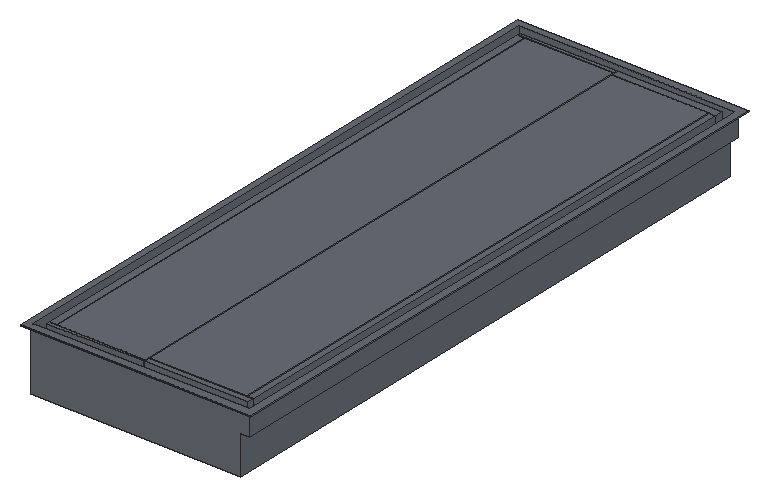
Revit family
Parameters (values of type "PL07 07 7/0")
  Width Side = 192 mm
  Width Inner Side Support = Actual Width 1 - Frame Offset + 13 mm  # 181 mm
  Width Inner Side = Actual Width 1 - Frame Offset  # 168 mm
  Width Inner Main = Actual Width - Frame Offset + 37 mm  # 192 mm
  Width = 179 mm
  URL = "http://www.meinertz.com/pictures_org/prodk.pdf"
  Thermal Performance Index = 7
  Thermal Performance Constant = if(Thermal Performance Index = 3, 145, if(Thermal Performance Index = 4, 191, if(Thermal Performance Index = 5, 231, if(Thermal Performance Index = 6, 262, if(Thermal Performance Index = 7, 287, if(Thermal Performance Index = 8, 317, if(Thermal Performance Index = 9, 339, if(Thermal Performance Index = 10, 359, if(Thermal Performance Index = 11, 382, if(Thermal Performance Index = 12, 404, if(Thermal Performance Index = 13, 424, 444)))))))))))  # 287
  Thermal Performance = Thermal Performance Constant * Length / 1000 mm  # 287
  Side Support Distance = (Actual Length - (2 * Frame Offset) - 200 mm) / (Count Side Support - 1)  # 376 mm
  Side Grill Length = Actual Length - (2 * Frame Offset) - 22 mm  # 930 mm
  Right Tap Visible = Count Grill Main > 3  # yes
  Model = "PL07 07 7/0"
  Manufacturer = "Meinertz"  # constant formula
  Length = 1000 mm
  Keynote = "PL07 07 7/0"
  Grill = RAL 7025 F
  GoGetNo = 6942  # constant formula
  Frame Offset = 24 mm  # constant formula
  Frame = RAL 7024
  Count Side Support = (Actual Length - (2 * Frame Offset) - 200 mm) / 600 mm + 1.49  # 3
  Count Grill Side = ((Width Side - Frame Offset) / 24 mm)  # 7
  Count Grill Main = (Width - Frame Offset - 11 mm) / 24 mm + 1  # 7
  Count Convec Support = (Actual Length - (2 * Frame Offset) - 300 mm) / 2500 mm + 1.49  # 2
  Convection Grill Length = Actual Length - (2 * Frame Offset) - 11 mm  # 941 mm
  Convec Support Distance = (Actual Length - (2 * Frame Offset) - 300 mm) / (Count Convec Support - 1)  # 652 mm
  Actual Width 1 = (Count Grill Side * 24 mm) + Frame Offset  # 192 mm
  Actual Width = (Count Grill Main - 1) * 24 mm + Frame Offset + 11 mm  # 179 mm
  Actual Length = if(Length < 4 * Frame Offset, 4 * Frame Offset, if(Length > 6000 mm, 6000 mm, Length))  # 1000 mm
Types (6, lengths in mm): name | Width Side | Width Inner Side Support | Width Inner Side | Width Inner Main | Width | Thermal Performance Index | Thermal Performance Constant | Thermal Performance | Right Tap Visible | Model | Keynote | Count Grill Side | Count Grill Main | Actual Width 1 | Actual Width
  (no name) | 192 | 181 | 168 | 192 | 179 | 7 | 287 | 287 | yes | "PL07 07 7/0" | "PL07 07 7/0" | 7 | 7 | 192 | 179
  PL07 07 7/0 | 192 | 181 | 168 | 192 | 179 | 7 | 287 | 287 | yes | "PL07 07 7/0" | "PL07 07 7/0" | 7 | 7 | 192 | 179
  PL07 06 6/0 | 168 | 157 | 144 | 168 | 155 | 6 | 262 | 262 | yes | "PL07 06 6/0" | "PL07 06 6/0" | 6 | 6 | 168 | 155
  PL07 05 5/0 | 144 | 133 | 120 | 144 | 131 | 5 | 231 | 231 | yes | "PL07 05 5/0" | "PL07 05 5/0" | 5 | 5 | 144 | 131
  PL07 04 5/0 | 144 | 133 | 120 | 120 | 107 | 4 | 191 | 191 | yes | "PL07 04 5/0" | "PL07 04 5/0" | 5 | 4 | 144 | 107
  PL07 03 5/0 | 144 | 133 | 120 | 96 | 83 | 3 | 145 | 145 | no | "PL07 03 5/0" | "PL07 03 5/0" | 5 | 3 | 144 | 83
Reference planes
  plane 1 "Center (Front/Back)": y = 0
  plane 2: z = 0
  plane 3 "Center (Left/Right)": x = 0
  plane 4: x = -89.5
  plane 5: x = 89.5
  plane 6: y = 500
  plane 7: y = -500
  plane 8: x = 281.5
  plane 9: x = -65.5
  plane 10: y = 476
  plane 11: y = -476
  plane 12: y = 376
  plane 13: y = 326
  plane 14: y = -376
  plane 15: y = -326
  plane 16: x = 102.5
  plane 17: x = 257.5
  plane 18: z = -20
  plane 19: z = -36
  plane 20: z = -19.8
  plane 21: z = -55
  plane 22: z = -70
  plane 23: z = -72
  plane 24: z = -53
  plane 25: z = -100
  plane 26: z = -55
  plane 27: x = -54.5
  plane 28: x = 246.5
  plane 29: y = 465
  plane 30: y = 470.5
  plane 31: y = -465
  plane 32: y = -470.5
  plane 33: y = 250
  plane 34: y = 150
  plane 35: y = -250
  plane 36: y = -150
  plane 37: x = 12
  plane 38: x = -35.5
  plane 39: x = 59.5
Forms (mm)
  Extrusion 1, solid, material "RAL 7025 F" <- "Grill"
    sketch origin (0, 0, 0) x (1, 0, 0) y (0, 1, 0)
      loop
        line (-54.5, 470.5) -> (-54.5, -470.5) -> (89.5, -470.5) -> (89.5, 470.5) -> (-54.5, 470.5)
    from 0 to -70
  Extrusion 2, solid, material "RAL 7024" <- "Frame"
    sketch origin (89.5, 470.5, 0) x (0, -1, 0) y (0, 0, -1)
      loop
        line (946.5, 0) -> (946.5, 70) -> (935.5, 70) -> (935.5, 20) -> (941, 20) -> (941, 0) -> (946.5, 0)
      loop
        line (-5.5, 0) -> (0, 0) -> (0, 20) -> (5.5, 20) -> (5.5, 70) -> (-5.5, 70) -> (-5.5, 0)
    from 0 to -155
  Extrusion 3, solid, material "RAL 7025 F" <- "Grill"
    sketch origin (0, 0, 0) x (1, 0, 0) y (0, 1, 0)
      loop
        line (89.5, 465) -> (89.5, -465) -> (246.5, -465) -> (246.5, 465) -> (89.5, 465)
    from 0 to -20
  Extrusion 4, solid, material "RAL 7024" <- "Frame"
    sketch origin (0, 0, 0) x (1, 0, 0) y (0, 1, 0)
      loop
        line (89.5, -476) -> (257.5, -476) -> (257.5, -465) -> (89.5, -465) -> (89.5, -476)
      loop
        line (89.5, 476) -> (89.5, 465) -> (257.5, 465) -> (257.5, 476) -> (89.5, 476)
    from 0 to -20
  Extrusion 5, solid, material "RAL 7024" <- "Frame"
    sketch origin (0, 0, 0) x (1, 0, 0) y (0, 1, 0)
      loop
        line (246.5, 465) -> (246.5, -465) -> (257.5, -465) -> (257.5, 465) -> (246.5, 465)
    from 0 to -20
  Extrusion 6, solid, material "RAL 7024" <- "Frame"
    sketch origin (168, 0, 0) x (-1, 0, 0) y (0, -1, 0)
      loop
        line (222.5, -470.5) -> (233.5, -470.5) -> (233.5, 470.5) -> (222.5, 470.5) -> (222.5, -470.5)
    from 0 to -70
  Extrusion 7, solid
    sketch origin (0, 0, 0) x (0, 1, 0) y (0, 0, 1)
      loop
        circle (250, -55) r 4.8
    from -65.5 to -70.5
  Extrusion 8, solid
    sketch origin (0, -100, 0) x (0, 1, 0) y (0, 0, 1)
      loop
        circle (250, -55) r 4.8
    from -65.5 to -70.5
  Extrusion 9, solid
    sketch origin (0, -400, 0) x (0, 1, 0) y (0, 0, 1)
      loop
        circle (250, -55) r 4.8
    from -65.5 to -70.5
  Extrusion 10, solid
    sketch origin (0, -500, 0) x (0, 1, 0) y (0, 0, 1)
      loop
        circle (250, -55) r 4.8
    from -65.5 to -70.5
  Extrusion 11, solid
    sketch origin (89.5, 470.5, 0) x (0, -1, 0) y (0, 0, -1)
      loop
        circle (220.5, 55) r 4.8
    from 0 to 5
  Extrusion 12, solid
    sketch origin (89.5, 370.5, 0) x (0, -1, 0) y (0, 0, -1)
      loop
        circle (220.5, 55) r 4.8
    from 0 to 5
  Extrusion 13, solid
    sketch origin (89.5, 70.5, 0) x (0, -1, 0) y (0, 0, -1)
      loop
        circle (220.5, 55) r 4.8
    from 0 to 5
  Extrusion 14, solid
    sketch origin (89.5, -29.5, 0) x (0, -1, 0) y (0, 0, -1)
      loop
        circle (220.5, 55) r 4.8
    from 0 to 5
  Extrusion 15, solid, visible <- "Right Tap Visible"
    sketch origin (89.5, 476, 0) x (0, 0, -1) y (-1, 0, 0)
      loop
        circle (55, 125) r 4.8
    from 0 to 5
  Extrusion 16, solid
    sketch origin (89.5, 476, 0) x (0, 0, -1) y (-1, 0, 0)
      loop
        circle (55, 30) r 4.8
    from 0 to 5
  Extrusion 17, solid
    sketch origin (89.5, -476, 0) x (0, 0, -1) y (1, 0, 0)
      loop
        circle (55, -125) r 4.8
    from 0 to 5
  Extrusion 18, solid, visible <- "Right Tap Visible"
    sketch origin (89.5, -476, 0) x (0, 0, -1) y (1, 0, 0)
      loop
        circle (55, -30) r 4.8
    from 0 to 5
  Sweep 19, solid, material "RAL 7024" <- "Frame"
    path origin (0, 0, 0) x (1, 0, 0) y (0, 1, 0)
      loop
        line (281.5, 500) -> (-89.5, 500) -> (-89.5, -500) -> (281.5, -500)
    profile origin (96, 500, 0) x (0, -1, 0) y (0, 0, 1)
      loop
        line (0, 0) -> (0, -2) -> (9, -2) -> (9, -100) -> (11, -100) -> (11, 0) -> (0, 0)
  Extrusion 20, solid, material "RAL 7024" <- "Frame"
    sketch origin (0, 0, 0) x (1, 0, 0) y (0, 0, 1)
      loop
        line (281.5, 0) -> (270.5, 0) -> (270.5, -36) -> (256.5, -36) -> (256.5, -100) -> (258.5, -100) -> (258.5, -38) -> (272.5, -38) -> (272.5, -2) -> (281.5, -2) -> (281.5, 0)
    from -489 to 489
  Extrusion 21, void
    sketch origin (281.5, 491, -100) x (1, 0, 0) y (0, 0, 1)
      loop
        line (0, 98) -> (-9, 98) -> (-9, 62) -> (-23, 62) -> (-23, 0) -> (0, 0) -> (0, 98)
    from 0 to 982
  Extrusion 22, solid, material "RAL 7024" <- "Frame"
    sketch origin (0, 0, 0) x (1, 0, 0) y (0, 1, 0)
      loop
        line (-78.5, 489) -> (-78.5, -489) -> (256.5, -489) -> (256.5, 489) -> (-78.5, 489)
    from -100 to -98
Cuts and joins
  Extrusion 21 cuts Sweep 19
  Extrusion 21 cuts Extrusion 20
  joined: Sweep 19, Extrusion 20
  Extrusion 21 cuts Extrusion 4
  Extrusion 21 cuts Extrusion 5
Lines and regions (mm)
  Masking region 1
    outline origin (0, 0, 0) x (1, 0, 0) y (0, 1, 0)
      loop
        line (-54.5, 470.5) -> (-54.5, -470.5) -> (89.5, -470.5) -> (89.5, 470.5) -> (-54.5, 470.5)
  Masking region 2
    outline origin (0, 0, 0) x (1, 0, 0) y (0, 1, 0)
      loop
        line (89.5, 465) -> (89.5, -465) -> (246.5, -465) -> (246.5, 465) -> (89.5, 465)
Dimensions and locks
  equal spacing: plane 7, plane 1 "Center (Front/Back)", plane 6
  "Actual Length": plane 6 to plane 7
  equal spacing: plane 4, plane 3 "Center (Left/Right)", plane 5
  "Actual Width": plane 4 to plane 5
  "Actual Width 1": plane 5 to plane 8
  "Frame Offset": plane 4 to plane 9
  "Frame Offset": plane 10 to plane 6
  "Frame Offset": plane 11 to plane 7
  plane 13 to plane 12 to plane 10 = 50 mm locked, 100 mm locked
  plane 15 to plane 14 to plane 11 = 50 mm locked, 100 mm locked
  locked: plane 5 to plane 16 at 13
  "Frame Offset": plane 17 to plane 8
  equal spacing: plane 19, plane 24, plane 22
  locked: plane 26 to plane 25 at 45
  plane 29 to plane 30 to plane 10 = 5.5 mm locked, 5.5 mm locked
  plane 31 to plane 32 to plane 11 = 5.5 mm locked, 5.5 mm locked
  locked: plane 9 to plane 27 at 11
  locked: plane 28 to plane 17 at 11
  plane 6 to plane 33 to plane 34 = 250 mm locked, 100 mm locked
  plane 36 to plane 35 to plane 7 = 100 mm locked, 250 mm locked
  locked: Extrusion 7 to plane 9 at 5
  equal spacing: plane 5, plane 37, plane 9
  plane 38 to plane 9 = 30 mm
  plane 39 to plane 5 = 30 mm
  group 1 to group 2 = 0 mm  (x2)
  group 1 to group 2 = 652 mm
  equal spacing: group 3, group 4, group 5  (x3)
  "Convec Support Distance": nested 2 to nested 5
  "Side Support Distance": nested 6 to nested 1
  profile plane to Sweep 19 sketch curve to Sweep 19 sketch curve = 9 mm locked, 2 mm locked
  locked: plane 2 to Sweep 19 sketch curve at 2
  locked: Extrusion 20 sketch curve to Extrusion 20 sketch curve at 2
  locked: plane 19 to Extrusion 20 sketch curve at 2
  locked: Extrusion 20 sketch curve to plane 8 at 9
  Extrusion 20 sketch curve to Extrusion 20 sketch curve to Extrusion 20 sketch curve = 2 mm locked, 12 mm locked
  aligned and locked: level to plane 2
  aligned and locked: plane 27 to Extrusion 1 sketch curve
  aligned and locked: plane 30 to Extrusion 1 sketch curve
  aligned and locked: plane 5 to Extrusion 1 sketch curve
  aligned and locked: plane 18 to Extrusion 2 sketch curve
  aligned and locked: plane 22 to Extrusion 2 sketch curve
  aligned and locked: plane 2 to Extrusion 2 sketch curve
  aligned and locked: Extrusion 1 to plane 22
  aligned and locked: Extrusion 2 to plane 9
  aligned and locked: plane 29 to Extrusion 3 sketch curve
  aligned and locked: Extrusion 3 sketch curve to plane 5
  aligned and locked: plane 28 to Extrusion 3 sketch curve
  aligned and locked: plane 31 to Extrusion 3 sketch curve
  aligned and locked: Extrusion 3 to plane 18
  aligned and locked: plane 5 to Extrusion 4 sketch curve
  aligned and locked: plane 31 to Extrusion 4 sketch curve
  aligned and locked: Extrusion 4 sketch curve to plane 11
  aligned and locked: Extrusion 4 sketch curve to plane 17
  aligned and locked: plane 11 to Extrusion 2 sketch curve
  aligned and locked: plane 32 to Extrusion 2 sketch curve
  aligned and locked: plane 31 to Extrusion 2 sketch curve
  aligned and locked: Extrusion 4 sketch curve to plane 5
  aligned and locked: plane 17 to Extrusion 4 sketch curve
  aligned and locked: Extrusion 4 sketch curve to plane 29
  aligned and locked: plane 10 to Extrusion 4 sketch curve
  aligned and locked: Extrusion 2 sketch curve to plane 2
  aligned and locked: Extrusion 2 sketch curve to plane 10
  aligned and locked: Extrusion 2 sketch curve to plane 30
  aligned and locked: Extrusion 2 sketch curve to plane 18
  aligned and locked: Extrusion 2 sketch curve to plane 29
  aligned and locked: Extrusion 2 sketch curve to plane 22
  aligned and locked: Extrusion 5 sketch curve to plane 28
  aligned and locked: plane 17 to Extrusion 5 sketch curve
  aligned and locked: plane 31 to Extrusion 5 sketch curve
  aligned and locked: plane 29 to Extrusion 5 sketch curve
  aligned and locked: Extrusion 5 to plane 18
  aligned and locked: plane 27 to Extrusion 6 sketch curve
  aligned and locked: Extrusion 6 sketch curve to plane 9
  aligned and locked: Extrusion 6 to plane 22
  aligned and locked: Extrusion 6 sketch curve to plane 30
  aligned and locked: Extrusion 6 sketch curve to plane 32
  aligned and locked: plane 14 to nested 1
  aligned and locked: plane 18 to nested 1
  aligned and locked: plane 25 to nested 1
  aligned and locked: nested 2 to plane 15
  aligned and locked: plane 22 to nested 2
  aligned and locked: plane 25 to nested 2
  aligned and locked: Extrusion 7 to plane 9
  aligned and locked: Extrusion 7 to Extrusion 8
  aligned and locked: Extrusion 7 to Extrusion 9
  aligned and locked: Extrusion 7 to Extrusion 10
  aligned and locked: Extrusion 11 sketch curve to Extrusion 7  (x2)
  aligned and locked: Extrusion 12 sketch curve to Extrusion 8  (x2)
  aligned and locked: Extrusion 13 sketch curve to Extrusion 9  (x2)
  aligned and locked: Extrusion 14 sketch curve to Extrusion 10  (x2)
  aligned and locked: plane 9 to Extrusion 10
  aligned and locked: plane 9 to Extrusion 9
  aligned and locked: plane 9 to Extrusion 8
  aligned and locked: nested 3 to plane 32
  aligned and locked: nested 3 to plane 30
  aligned and locked: nested 3 to plane 5
  aligned and locked: nested 4 to plane 31
  aligned and locked: nested 4 to plane 29
  aligned and locked: nested 4 to plane 5
  aligned and locked: plane 17 to nested 1
  aligned and locked: plane 22 to nested 5  (x2)
  aligned and locked: plane 9 to nested 2
  aligned and locked: plane 17 to nested 6
  aligned and locked: plane 18 to nested 6
  aligned and locked: plane 9 to nested 5
  aligned and locked: Extrusion 17 sketch curve to Extrusion 15  (x2)
  aligned and locked: Extrusion 18 sketch curve to Extrusion 16  (x2)
  aligned and locked: plane 27 to nested 3
  aligned and locked: nested 4 to plane 28
  aligned and locked: Masking region 1 sketch curve to Extrusion 1  (x3)
  aligned and locked: Masking region 1 sketch curve to Extrusion 2
  aligned and locked: Masking region 2 sketch curve to Extrusion 4
  aligned and locked: Masking region 2 sketch curve to Extrusion 3  (x3)
  aligned and locked: Sweep 19 sketch curve to plane 6
  aligned and locked: Sweep 19 sketch curve to plane 4
  aligned and locked: plane 7 to Sweep 19 sketch curve
  aligned and locked: Sweep 19 sketch curve to profile plane  (x2)
  aligned and locked: plane 25 to Sweep 19 sketch curve
  aligned and locked: Extrusion 20 sketch curve to plane 25
  aligned and locked: plane 2 to Extrusion 20 sketch curve
  aligned and locked: plane 19 to Extrusion 20 sketch curve
  aligned and locked: Sweep 19 to Extrusion 20 sketch curve
  aligned and locked: Extrusion 20 to Sweep 19  (x2)
  aligned and locked: cut or joined group of Sweep 19, Extrusion 20, Extrusion 21 to Extrusion 21 sketch curve  (x2)
  aligned and locked: Extrusion 21 sketch curve to cut or joined group of Sweep 19, Extrusion 20, Extrusion 21  (x4)
  aligned and locked: Extrusion 21 to cut or joined group of Sweep 19, Extrusion 20, Extrusion 21
  aligned and locked: Extrusion 22 sketch curve to cut or joined group of Sweep 19, Extrusion 20, Extrusion 21  (x3)
  aligned and locked: cut or joined group of Sweep 19, Extrusion 20, Extrusion 21 to Extrusion 22 sketch curve
  aligned and locked: Extrusion 22 to plane 25
Automatic sketch dimensions
  Extrusion 1 sketch curve to plane 32 = 0 mm
  Extrusion 7 sketch curve to plane 21 = 0 mm
  Extrusion 7 sketch curve to plane 33 = 0 mm
  Extrusion 8 sketch curve to plane 21 = 0 mm
  Extrusion 8 sketch curve to plane 34 = 0 mm
  Extrusion 9 sketch curve to plane 21 = 0 mm
  Extrusion 9 sketch curve to plane 36 = 0 mm
  Extrusion 10 sketch curve to plane 21 = 0 mm
  Extrusion 10 sketch curve to plane 35 = 0 mm
  Extrusion 2 sketch curve to Extrusion 1 = 0 mm
  Extrusion 2 to Extrusion 16 sketch curve = 15 mm
  Extrusion 2 to Extrusion 16 sketch curve = 30 mm
  Extrusion 2 to Extrusion 15 sketch curve = 30 mm
  Extrusion 2 to Extrusion 15 sketch curve = 15 mm
  Sweep 19 sketch curve to plane 8 = 0 mm  (x2)
  plane 8 to Extrusion 20 sketch curve = 0 mm
  radius of Extrusion 7 sketch curve = 4.8 mm
  radius of Extrusion 8 sketch curve = 4.8 mm
  radius of Extrusion 9 sketch curve = 4.8 mm
  radius of Extrusion 10 sketch curve = 4.8 mm
  radius of Extrusion 16 sketch curve = 4.8 mm
  radius of Extrusion 15 sketch curve = 4.8 mm
Nested families
  nested 1: "Support" at (147.579, -369.531, -36) x (0, 1, 0) z (0, 0, 1), type "Side Support"
    with Length 192 mm
  nested 2: "Support" at (44.421, -332.469, -72) x (0, -1, 0) z (0, 0, 1), type "Convec Support"
  nested 3: "Grill" at (-54.5, -470.5, 0), type "Grill"
    with Width 941 mm, Start 11 mm, Second 13 mm, Length 144 mm, Big no
  nested 4: "Grill" at (89.5, -465, 0), type "Grill"
    with Width 930 mm, Start 11 mm, Second 13 mm, Length 157 mm, Big no
  nested 5: "Support" at (44.421, 319.531, -72) x (0, -1, 0) z (0, 0, 1), type "Convec Support"
  nested 6: "Support" at (147.579, 6.469, -36) x (0, 1, 0) z (0, 0, 1), type "Side Support"
    with Length 192 mm
  nested 7: "Support" at (147.579, 382.469, -36) x (0, 1, 0) z (0, 0, 1), type "Side Support"
    with Length 192 mm
Connectors
  piping at (-70.5, 150, -55)
    settings: on Extrusion 8, index 21, connector radius 4.75 mm, flow factor 0, pipe flow 0.0 L/s, pressure drop 0.0 Pa, fitting loss kfactor 0, connector angle 0.00°, fixture units 0, flow configuration 1, flow direction 2, fitting loss method 0, system type 22, connector reference index -1, connector utility 0, adjustable connector no, is connector primary yes, fitting loss table "", connector description ""
  piping at (-70.5, 250, -55)
    settings: on Extrusion 7, index 22, connector radius 4.75 mm, flow factor 0, pipe flow 0.0 L/s, pressure drop 0.0 Pa, fitting loss kfactor 0, connector angle 0.00°, fixture units 0, flow configuration 1, flow direction 1, fitting loss method 0, system type 19, connector reference index -1, connector utility 0, adjustable connector no, is connector primary no, fitting loss table "", connector description ""
  piping at (-70.5, -150, -55)
    settings: on Extrusion 9, index 23, connector radius 4.75 mm, flow factor 0, pipe flow 0.0 L/s, pressure drop 0.0 Pa, fitting loss kfactor 0, connector angle 0.00°, fixture units 0, flow configuration 1, flow direction 1, fitting loss method 0, system type 22, connector reference index -1, connector utility 0, adjustable connector no, is connector primary no, fitting loss table "", connector description ""
  piping at (-70.5, -250, -55)
    settings: on Extrusion 10, index 24, connector radius 4.75 mm, flow factor 0, pipe flow 0.0 L/s, pressure drop 0.0 Pa, fitting loss kfactor 0, connector angle 0.00°, fixture units 0, flow configuration 1, flow direction 2, fitting loss method 0, system type 22, connector reference index -1, connector utility 0, adjustable connector no, is connector primary no, fitting loss table "", connector description ""
  piping at (94.5, -250, -55)
    settings: on Extrusion 14, index 25, connector radius 4.75 mm, flow factor 0, pipe flow 0.0 L/s, pressure drop 0.0 Pa, fitting loss kfactor 0, connector angle 0.00°, fixture units 0, flow configuration 1, flow direction 1, fitting loss method 0, system type 22, connector reference index -1, connector utility 0, adjustable connector no, is connector primary no, fitting loss table "", connector description ""
  piping at (94.5, -150, -55)
    settings: on Extrusion 13, index 26, connector radius 4.75 mm, flow factor 0, pipe flow 0.0 L/s, pressure drop 0.0 Pa, fitting loss kfactor 0, connector angle 0.00°, fixture units 0, flow configuration 1, flow direction 2, fitting loss method 0, system type 19, connector reference index -1, connector utility 0, adjustable connector no, is connector primary no, fitting loss table "", connector description ""
  piping at (94.5, 150, -55)
    settings: on Extrusion 12, index 27, connector radius 4.75 mm, flow factor 0, pipe flow 0.0 L/s, pressure drop 0.0 Pa, fitting loss kfactor 0, connector angle 0.00°, fixture units 0, flow configuration 1, flow direction 1, fitting loss method 0, system type 22, connector reference index -1, connector utility 0, adjustable connector no, is connector primary no, fitting loss table "", connector description ""
  piping at (94.5, 250, -55)
    settings: on Extrusion 11, index 28, connector radius 4.75 mm, flow factor 0, pipe flow 0.0 L/s, pressure drop 0.0 Pa, fitting loss kfactor 0, connector angle 0.00°, fixture units 0, flow configuration 1, flow direction 2, fitting loss method 0, system type 22, connector reference index -1, connector utility 0, adjustable connector no, is connector primary no, fitting loss table "", connector description ""
  piping at (-35.5, 481, -55)
    settings: on Extrusion 15, index 31, connector radius 4.75 mm, flow factor 0, pipe flow 0.0 L/s, pressure drop 0.0 Pa, fitting loss kfactor 0, connector angle 0.00°, fixture units 0, flow configuration 1, flow direction 1, fitting loss method 0, system type 22, connector reference index -1, connector utility 0, adjustable connector no, is connector primary no, fitting loss table "", connector description ""
  piping at (-35.5, 481, -55)
    settings: on Extrusion 15, index 32, connector radius 4.75 mm, flow factor 0, pipe flow 0.0 L/s, pressure drop 0.0 Pa, fitting loss kfactor 0, connector angle 0.00°, fixture units 0, flow configuration 1, flow direction 2, fitting loss method 0, system type 22, connector reference index -1, connector utility 0, adjustable connector no, is connector primary no, fitting loss table "", connector description ""
  piping at (59.5, 481, -55)
    settings: on Extrusion 16, index 33, connector radius 4.75 mm, flow factor 0, pipe flow 0.0 L/s, pressure drop 0.0 Pa, fitting loss kfactor 0, connector angle 0.00°, fixture units 0, flow configuration 1, flow direction 1, fitting loss method 0, system type 22, connector reference index -1, connector utility 0, adjustable connector no, is connector primary no, fitting loss table "", connector description ""
  piping at (-35.5, -481, -55)
    settings: on Extrusion 17, index 34, connector radius 4.75 mm, flow factor 0, pipe flow 0.0 L/s, pressure drop 0.0 Pa, fitting loss kfactor 0, connector angle 0.00°, fixture units 0, flow configuration 1, flow direction 1, fitting loss method 0, system type 22, connector reference index -1, connector utility 0, adjustable connector no, is connector primary no, fitting loss table "", connector description ""
  piping at (59.5, -481, -55)
    settings: on Extrusion 18, index 35, connector radius 4.75 mm, flow factor 0, pipe flow 0.0 L/s, pressure drop 0.0 Pa, fitting loss kfactor 0, connector angle 0.00°, fixture units 0, flow configuration 1, flow direction 2, fitting loss method 0, system type 22, connector reference index -1, connector utility 0, adjustable connector no, is connector primary no, fitting loss table "", connector description ""
Definition of nested family "Support"
  Parameters (values of type "Side Support")
    offset top = 17.5 mm
    Width = 16 mm
    Side 2 = yes
    Side 1 = no
    Length = 168 mm
    Height = 16 mm
    Frame = RAL 7024
    Footing rad = 6.5 mm
    Footing Height = 64 mm
    Assembly Code = ""
  Types (2, lengths in mm): name | Width | Side 1 | Length | Height | Footing Height
    Side Support | 16 | no | 168 | 16 | 64
    Convec Support | 20 | yes | 192 | 2 | 28
  Reference planes
    plane 1 "Center (Front/Back)": y = -13.921
    plane 2: z = 0
    plane 3 "Center (Left/Right)": x = -6.469
    plane 4: z = 16
    plane 5: x = 1.531
    plane 6: x = -14.469
    plane 7: y = 70.079
    plane 8: y = -97.921
    plane 9: y = 52.579
    plane 10: y = -80.421
    plane 11: z = -64
  Forms (mm)
    Extrusion 1, solid, material "RAL 7024" <- "Frame"
      sketch origin (0, -13.921, 0) x (1, 0, 0) y (0, 0, 1)
        loop
          line (-14.469, 16) -> (-14.469, 0) -> (1.531, 0) -> (1.531, 16) -> (-14.469, 16)
      from -84 to 84
    Extrusion 2, solid, material "RAL 7024" <- "Frame", visible <- "Side 1"
      sketch origin (0, 0, 0) x (1, 0, 0) y (0, 1, 0)
        loop
          circle (-6.469, 52.579) r 6.5
      from -64 to 0
    Extrusion 3, solid, material "RAL 7024" <- "Frame", visible <- "Side 2"
      sketch origin (0, 0, 0) x (1, 0, 0) y (0, 1, 0)
        loop
          circle (-6.469, -80.421) r 6.5
      from -64 to 0
  Dimensions and locks
    equal spacing: plane 6, plane 3 "Center (Left/Right)", plane 5
    equal spacing: plane 7, plane 1 "Center (Front/Back)", plane 8
    "Length": plane 7 to plane 8
    "Width": plane 6 to plane 5
    "Height": plane 4 to plane 2
    "offset top": plane 7 to plane 9
    "offset top": plane 10 to plane 8
    "Footing Height": plane 2 to plane 11
    "Footing rad": Extrusion 2 sketch curve to plane 3 "Center (Left/Right)"
    "Footing rad": plane 9 to Extrusion 2 sketch curve
    locked: plane 10 to Extrusion 3 sketch curve at 6.5
    locked: plane 3 "Center (Left/Right)" to Extrusion 3 sketch curve at 6.5
    "Footing rad": radius of Extrusion 2 sketch curve
    "Footing rad": radius of Extrusion 3 sketch curve
    aligned and locked: plane 6 to Extrusion 1 sketch curve
    aligned and locked: Extrusion 1 sketch curve to plane 4
    aligned and locked: level to Extrusion 1 sketch curve
    aligned and locked: Extrusion 1 sketch curve to plane 5
    aligned and locked: plane 7 to Extrusion 1
    aligned and locked: Extrusion 1 to plane 8
    aligned and locked: Extrusion 2 to plane 11
    aligned and locked: plane 2 to Extrusion 2
    aligned and locked: Extrusion 3 to plane 11
    aligned and locked: level to Extrusion 3
Definition of nested family "Grill"
  Parameters (values of type "Grill")
    Width [instance] = 208.6 mm
    Start [instance] = if(Big, 13 mm, 11 mm)  # 11 mm
    Second [instance] = if(Big, 11 mm, 13 mm)  # 13 mm
    Length [instance] = 900 mm
    Big [instance] = no
    Assembly Code = ""
  Reference planes
    plane 1 "Center (Front/Back)": y = 0
    plane 2: z = 0
    plane 3 "Center (Left/Right)": x = 0
    plane 4: y = 208.6
    plane 5: x = 900
  Lines and regions (mm)
    Filled region 1, type "Base", in view "Ref. Level"
      outline origin (0, 0, 0) x (1, 0, 0) y (0, 1, 0)
        loop
          line (0, 208.6) -> (0, 0) -> (900, 0) -> (900, 208.6) -> (0, 208.6)
    Filled region 2, type "Top", in view "Ref. Level"
      outline origin (45.053, 31.547, 0) x (1, 0, 0) y (0, 1, 0)
        loop
          line (-45.053, 177.053) -> (-45.053, -31.547) -> (854.947, -31.547) -> (854.947, 177.053) -> (-45.053, 177.053)
  Dimensions and locks
    "Width": plane 4 to plane 1 "Center (Front/Back)"
    "Length": plane 3 "Center (Left/Right)" to plane 5
    "Start": plane 3 "Center (Left/Right)" to Filled region 2
    "Second": Filled region 2 to Filled region 1
    aligned and locked: plane 4 to Filled region 2
    aligned and locked: plane 1 "Center (Front/Back)" to Filled region 2
    aligned and locked: plane 5 to Filled region 2
    aligned and locked: Filled region 1 to plane 3 "Center (Left/Right)"
    aligned and locked: plane 3 "Center (Left/Right)" to Filled region 2 sketch curve
  Automatic sketch dimensions
    Filled region 1 sketch curve to plane 1 "Center (Front/Back)" = 0 mm
    Filled region 1 sketch curve to plane 3 "Center (Left/Right)" = 0 mm
    Filled region 1 sketch curve to plane 5 = 0 mm
    Filled region 1 sketch curve to plane 4 = 0 mm
    Filled region 2 sketch curve to plane 1 "Center (Front/Back)" = 0 mm
    Filled region 2 sketch curve to plane 5 = 0 mm
    Filled region 2 sketch curve to plane 4 = 0 mm
